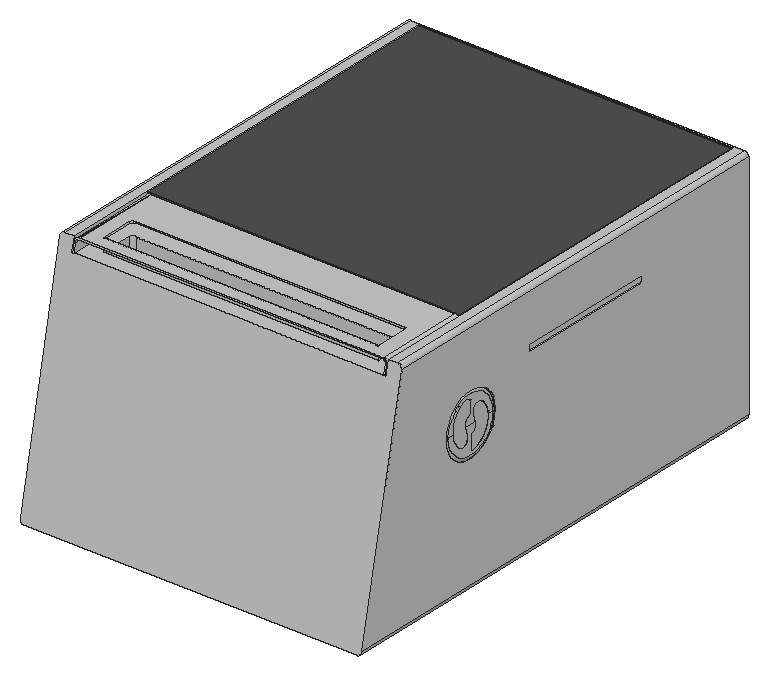
Revit family "PRD_FrankeWS_PprTwlDspnsrs_EXOSPaperTowelDispenser_EXOS637X_637B_637W", category Specialty Equipment, host Face, Revit 2018
Family settings
  Host = Face
  Round Connector Dimension = Use Diameter
  Part Type = Normal
  OmniClass Number = 23.40.20.21.17
  OmniClass Title = Paper Towel Dispensers, Disposal Units
  Cut with Voids When Loaded = No
  Shared = No
  Room Calculation Point = No
Parameters (values of type "EXOS637B")
  WarrantyStartDate [instance] = "1900-12-31T23:59:59"
  WarrantyGuarantorParts = "n/a"
  WarrantyGuarantorLabor = "n/a"
  WarrantyDurationUnit = "year"
  WarrantyDurationParts = "n/a"
  WarrantyDurationLabor = "n/a"
  WarrantyDescription = "n/a"
  Version = "1"
  Uniclass2015Version = "Products v1.17"
  Uniclass2015Title = "Paper towel dispensers"
  Uniclass2015Code = "Pr_40_70_22_62"
  URL = "www.kwc.com"
  TypeOfOperation = "Manual operation"
  TypeOfMounting = "Wall mounting"
  TypeOfFixing = "Screw"
  TypeOfConsumable = "Paper roll"
  TagNumber [instance] = "n/a"
  SustainabilityPerformance = "n/a"
  SurfaceTreatment = "InoxPlus (anti fingerprint)"
  Style = "Dispenser"
  Size = "300 x 425 x 210 mm"
  Shape = "n/a"
  SerialNumber [instance] = "n/a"
  Revision = "n/a"
  ReplacementCost = "n/a"
  ProductInformation = "https://pim.kwc.com/product/2030022951/attachment/datasheet?locale=en"
  PanelMaterial = PRD_AR_Glass_Black
  NominalWidth = 300.00 mm
  NominalHeight = 425.00 mm
  NominalDepth = 210.00 mm
  NetWeight = 9.37 kg
  Name = "Paper Towel Dispenser EXOS637B"
  NBSTypeID = "n/a"
  NBSReference = "45-35-72/344"
  NBSOfficeMasterTag = "n/a"
  NBSNote = "n/a"
  NBSDescription = "Paper towel dispensers"
  NBSCertification = "n/a"
  ModelReference = "EXOS637B"
  ModelNumber = "2030022951"
  Model = ModelReference  # "EXOS637B"
  MaximumWidthOfConsumable = "205.00 mm"
  MaximumDepthDiameterOfConsumable = "200.00 mm"
  MaterialThickness = "1.20 mm"
  MaterialCode = "1.4301"
  Material = "stainless steel"
  ManufacturerURL = "www.kwc.com"
  ManufacturerName = "KWC Group AG"  # constant formula
  Manufacturer = ManufacturerName  # "KWC Group AG"
  MainColor = "stainless steel"
  Lock = "Key-lock"
  IsBuiltIn = "TRUE"
  IntegralAccessories = "incl. mounting materials"
  InstallationDate [instance] = "1900-12-31T23:59:59"
  IfcExportType = "USERDEFINED"
  IfcExportAs = "IfcFurnitureType"
  GrossWeight = 10.80 kg
  Grade = "n/a"
  Finish = "satin finished"
  FillingQuantityUom = "Rolls"
  FillingQuantity = "1"
  Features = "stainless steel, surface satin finished"
  ExpectedLife = "n/a"
  DurationUnit = "year"
  DispenserMaterial = PRD_AR_StainlessSteel_SatinFinished
  Description = "Manual paper towel dispenser for wall mounting, stainless steel with satin finish, black safety glass front panel, casing with InoxPlus surface refinement for the reduction of finger marks and better cleaning characteristics (easy to clean), material thickness 1.2 mm, maximum roll width 205 mm, maximum roll diameter 200 mm, paper perforation length 260 mm, adjustable paper roll holder for optimised paper dispensing, includes mounting materials."
  Default Elevation = 1200.00 mm
  CreatedOn = "05/2020"  # constant formula
  Constituents = "n/a"
  Color = "n/a"
  CodePerformance = "n/a"
  Category = "Pr_40_70_22_62, Paper Towel Dispensers"
  BarCode [instance] = "n/a"
  BIMObjectName = "PRD_AR_PaperTowelDispensers_EXOSPaperTowelDispenser_EXOS637B"
  Author = "Archispace"  # constant formula
  AssetType = "Fixed"
  AssetIdentifier [instance] = "n/a"
  AdditionalPanel = yes
  AccessibilityPerformance = "n/a"
Types (3, lengths in mm): name | ProductInformation | PanelMaterial | NetWeight | Name | ModelReference | ModelNumber | Model | GrossWeight | Description | BIMObjectName | AdditionalPanel
  EXOS637X | "https://pim.kwc.com/product/2030022950/attachment/datasheet?locale=en" | PRD_AR_StainlessSteel_SatinFinished | 8.24 kg | "Paper Towel Dispenser EXOS637X" | "EXOS637X" | "2030022950" | "EXOS637X" | 9.64 kg | "Manual paper towel dispenser for wall mounting, stainless steel with satin finish, front and casing with InoxPlus surface refinement for the reduction of finger marks and better cleaning characteristics (easy to clean), material thickness 1.2 mm, maximum roll width 205 mm, maximum roll diameter 200 mm, paper perforation length 260 mm, adjustable paper roll holder for optimised paper dispensing, includes mounting materials." | "PRD_AR_PaperTowelDispensers_EXOSPaperTowelDispenser_EXOS637X" | no
  EXOS637B | "https://pim.kwc.com/product/2030022951/attachment/datasheet?locale=en" | PRD_AR_Glass_Black | 9.37 kg | "Paper Towel Dispenser EXOS637B" | "EXOS637B" | "2030022951" | "EXOS637B" | 10.80 kg | "Manual paper towel dispenser for wall mounting, stainless steel with satin finish, black safety glass front panel, casing with InoxPlus surface refinement for the reduction of finger marks and better cleaning characteristics (easy to clean), material thickness 1.2 mm, maximum roll width 205 mm, maximum roll diameter 200 mm, paper perforation length 260 mm, adjustable paper roll holder for optimised paper dispensing, includes mounting materials." | "PRD_AR_PaperTowelDispensers_EXOSPaperTowelDispenser_EXOS637B" | yes
  EXOS637W | "https://pim.kwc.com/product/2030025233/attachment/datasheet?locale=en" | PRD_AR_Glass_White | 8.88 kg | "Paper Towel Dispenser EXOS637W" | "EXOS637W" | "2030025233" | "EXOS637W" | 10.37 kg | "Manual paper towel dispenser for wall mounting, stainless steel with satin finish, white safety glass front panel, casing with InoxPlus surface refinement for the reduction of finger marks and better cleaning characteristics (easy to clean), material thickness 1.2 mm, maximum roll width 205 mm, maximum roll diameter 200 mm, paper perforation length 260 mm, adjustable paper roll holder for optimised paper dispensing, includes mounting materials." | "PRD_AR_PaperTowelDispensers_EXOSPaperTowelDispenser_EXOS637W" | yes
Reference planes
  plane 1 "Center (Front/Back)": y = 0
  plane 2: z = 0
  plane 3 "Center (Left/Right)": x = 0
Dimensions and locks
  aligned and locked: plane 2 to host face
  aligned and locked: level to host face
Nested families
  nested 1: "EXOS637" at (0, 0, 0), type "EXOS637"
    with PanelOffset 123.50 mm, AdditionalPanel yes
Definition of nested family "EXOS637"
  Parameters (values of type "EXOS637")
    PanelOffset = if(AdditionalPanel, 123.50 mm, 422.50 mm)  # 422.50 mm
    Material = none
    FrontMaterial = none
    AdditionalPanel = no
  Reference planes
    plane 1 "Center (Front/Back)": y = 0
    plane 2: z = 0
    plane 3 "Center (Left/Right)": x = 0
    plane 4: y = 210
    plane 5: y = -212.5
  Forms (mm)
    Extrusion 1, solid, material <- "Material", detail levels fine
      sketch origin (0, 0, 0) x (1, 0, 0) y (0, 0, 1)
        loop
          line (-146.5, 0) -> (146.5, 0)
          arc (146.5, 0) -> (148.975, 1.025) -> (150, 3.5) r 3.5
          line (150, 3.5) -> (150, 206.5)
          arc (150, 206.5) -> (148.975, 208.975) -> (146.5, 210) r 3.5
          line (146.5, 210) -> (-146.5, 210)
          arc (-146.5, 210) -> (-148.975, 208.975) -> (-150, 206.5) r 3.5
          line (-150, 206.5) -> (-150, 3.5)
          arc (-150, 3.5) -> (-148.975, 1.025) -> (-146.5, 0) r 3.5
      from -212.5 to 212.5
    Extrusion 2, void
      sketch origin (0, 0, 0) x (0, 1, 0) y (0, 0, 1)
        loop
          line (-212.5, 210) -> (-212.5, 0) -> (-167.5, 210) -> (-212.5, 210)
      from -150 to 150
    Extrusion 3, void
      sketch origin (0, 0, 0) x (1, 0, 0) y (0, 0, 1)
        loop
          line (138, 210) -> (-137.996, 210) -> (-137.996, 198.5) -> (138, 198.5) -> (138, 210)
      from -211 to 187.554
    Extrusion 4, solid, material <- "Material", detail levels fine
      sketch origin (0, 0, 0) x (1, 0, 0) y (0, 0, 1)
        loop
          line (-137.196, 198.5) -> (-135.996, 198.5) -> (-135.996, 206.5)
          arc (-135.996, 206.5) -> (-135.322, 208.126) -> (-133.696, 208.8) r 2.3
          line (-133.696, 208.8) -> (133.696, 208.8)
          arc (133.696, 208.8) -> (135.322, 208.126) -> (135.996, 206.5) r 2.3
          line (135.996, 206.5) -> (135.996, 198.5) -> (137.196, 198.5) -> (137.196, 206.5)
          arc (137.196, 206.5) -> (136.171, 208.975) -> (133.696, 210) r 3.5
          line (133.696, 210) -> (-133.696, 210)
          arc (-133.696, 210) -> (-136.171, 208.975) -> (-137.196, 206.5) r 3.5
          line (-137.196, 206.5) -> (-137.196, 198.5)
      from -210 to 169.964
    Extrusion 5, void
      sketch origin (0, 0, 0) x (1, 0, 0) y (0, 1, 0)
        loop
          line (-121, -156.5) -> (121, -156.5) -> (121, -128.5)
          arc (121, -128.5) -> (120.121, -126.379) -> (118, -125.5) r 3
          line (118, -125.5) -> (-118, -125.5)
          arc (-118, -125.5) -> (-120.121, -126.379) -> (-121, -128.5) r 3
          line (-121, -128.5) -> (-121, -156.5)
      from 165 to 210
    Extrusion 6, solid, material <- "Material", detail levels fine
      sketch origin (0, 0, 0) x (0, 1, 0) y (0, 0, 1)
        loop
          line (-156.5, 210) -> (-156.5, 198.5) -> (-155.3, 198.5) -> (-155.3, 208.8)
          arc (-155.3, 208.8) -> (-155.651, 209.649) -> (-156.5, 210) r 1.2
      from -121 to 121
    Revolve 7, solid, material <- "Material", detail levels fine
      sketch origin (0, 0, 169) x (1, 0, 0) y (0, 1, 0)
        loop
          line (0, 212.5) -> (10, 212.5) -> (10, 215.266)
          arc (10, 215.266) -> (9.414, 216.68) -> (8, 217.266) r 2
          line (8, 217.266) -> (6.324, 217.266)
          arc (6.324, 217.266) -> (5.966, 217.585) -> (5.5, 217.7) r 1
          line (5.5, 217.7) -> (0, 217.7) -> (0, 212.5)
        axis (0, 217.7) -> (0, 212.5)
      angle from 0 to 360
    Extrusion 8, void
      sketch origin (0, 0, 0) x (0, 1, 0) y (0, 0, 1)
        loop
          arc (94.5, 159) -> (95.561, 159.439) -> (96, 160.5) r 1.5
          line (96, 160.5) -> (96, 163.5)
          arc (96, 163.5) -> (95.561, 164.561) -> (94.5, 165) r 1.5
          line (94.5, 165) -> (-27.5, 165)
          arc (-27.5, 165) -> (-28.561, 164.561) -> (-29, 163.5) r 1.5
          line (-29, 163.5) -> (-29, 160.5)
          arc (-29, 160.5) -> (-28.561, 159.439) -> (-27.5, 159) r 1.5
          line (-27.5, 159) -> (94.5, 159)
      from 148.5 to 150
    Extrusion 9, void
      sketch origin (0, 0, 0) x (0, 1, 0) y (0, 0, -1)
        loop
          line (94.5, -159) -> (-27.5, -159)
          arc (-27.5, -159) -> (-28.561, -159.439) -> (-29, -160.5) r 1.5
          line (-29, -160.5) -> (-29, -163.5)
          arc (-29, -163.5) -> (-28.561, -164.561) -> (-27.5, -165) r 1.5
          line (-27.5, -165) -> (94.5, -165)
          arc (94.5, -165) -> (95.561, -164.561) -> (96, -163.5) r 1.5
          line (96, -163.5) -> (96, -160.5)
          arc (96, -160.5) -> (95.561, -159.439) -> (94.5, -159) r 1.5
      from 148.5 to 150
    Extrusion 10, void
      sketch origin (0, 0, 0) x (0, 1, 0) y (0, 0, 1)
        loop
          circle (-92.5, 130) r 27.5
      from 147 to 150
    Revolve 11, solid, material <- "Material", detail levels fine
      sketch origin (-1.5, 0, 130) x (1, 0, 0) y (0, 1, 0)
        loop
          line (148.5, -92.5) -> (151.5, -92.5) -> (151.5, -68)
          arc (151.5, -68) -> (150.621, -65.879) -> (148.5, -65) r 3
          line (148.5, -65) -> (148.5, -92.5)
        axis (148.5, -92.5) -> (151.5, -92.5)
      angle from 0 to 360
    Extrusion 12, solid, material <- "Material", detail levels medium
      sketch origin (0, 0, 0) x (1, 0, 0) y (0, 0, 1)
        loop
          line (-150, 0) -> (150, 0) -> (150, 210) -> (-150, 210) -> (-150, 0)
      from -212.5 to 212.5
    Extrusion 13, solid, material <- "Material", detail levels medium
      sketch origin (0, 0, 0) x (1, 0, 0) y (0, 0, 1)
        loop
          line (-137.196, 198.5) -> (137.196, 198.5) -> (137.196, 210) -> (-137.196, 210) -> (-137.196, 198.5)
      from -210 to 169.964
    Revolve 14, solid, material <- "Material", detail levels medium
      sketch origin (0, 0, 169) x (1, 0, 0) y (0, 1, 0)
        loop
          line (0, 212.5) -> (10, 212.5) -> (10, 217.7) -> (0, 217.7) -> (0, 212.5)
        axis (0, 217.7) -> (0, 212.5)
      angle from 0 to 360
    Extrusion 15, solid, material <- "Material", detail levels coarse
      sketch origin (0, 0, 0) x (1, 0, 0) y (0, 0, 1)
        loop
          line (-150, 0) -> (150, 0) -> (150, 210) -> (-150, 210) -> (-150, 0)
      from -212.5 to 212.5
    Extrusion 16, solid, material <- "FrontMaterial", visible <- "AdditionalPanel", detail levels medium+fine
      sketch origin (0, 0, 0) x (1, 0, 0) y (0, 0, 1)
        loop
          line (-137.196, 198.5) -> (137.196, 198.5) -> (137.196, 210) -> (-137.196, 210) -> (-137.196, 198.5)
      from -210 to 88
    Sweep 17, void
      path origin (0, 0, 0) x (1, 0, 0) y (0, 1, 0)
        loop
          line (150, -92.5) -> (149, -92.5)
      profile origin (149.5, -92.5, 0) x (0, -1, 0) y (0, 0, 1)
        loop
          arc (-12.176, 143.866) -> (-19.433, 123.274) -> (-3.529, 108.314) r 20
          arc (-3.529, 108.314) -> (-1.075, 108.966) -> (0, 111.267) r 3
          line (0, 111.267) -> (0, 121.292)
          arc (0, 121.292) -> (-0.396, 122.487) -> (-1.429, 123.208) r 2
          arc (-1.429, 123.208) -> (-4.349, 125.534) -> (-4.845, 129.234) r 5
          line (-4.845, 129.234) -> (-2.709, 137.626)
          arc (-2.709, 137.626) -> (-5.221, 144.116) -> (-12.176, 143.866) r 6
        loop
          arc (2.709, 122.374) -> (5.221, 115.884) -> (12.176, 116.134) r 6
          arc (12.176, 116.134) -> (19.433, 136.726) -> (3.529, 151.686) r 20
          arc (3.529, 151.686) -> (1.075, 151.034) -> (0, 148.733) r 3
          line (0, 148.733) -> (0, 138.708)
          arc (0, 138.708) -> (0.396, 137.513) -> (1.429, 136.792) r 2
          arc (1.429, 136.792) -> (4.349, 134.466) -> (4.845, 130.766) r 5
          line (4.845, 130.766) -> (2.709, 122.374)
  Cuts and joins
    Extrusion 2, Extrusion 3, Extrusion 5, Extrusion 8, Extrusion 9, Extrusion 10 cuts Extrusion 1
    Extrusion 2, Extrusion 5 cuts Extrusion 4
    joined: Extrusion 4, Extrusion 6
    Extrusion 2, Extrusion 3 cuts Extrusion 12
    Extrusion 2 cuts Extrusion 13
    Extrusion 2 cuts Extrusion 15
    Sweep 17 cuts Revolve 11
  Dimensions and locks
    locked: plane 5 to plane 1 "Center (Front/Back)" at 212.5
    "PanelOffset": plane 5 to plane 4
    locked: plane 5 to Extrusion 5 sketch curve at 56
    locked: plane 5 to Extrusion 5 sketch curve at 87
    locked: plane 5 to Revolve 11 sketch curve at 120  (x2)
    locked: plane 5 to Revolve 11 sketch curve at 147.5
    locked: Extrusion 10 sketch curve to plane 5 at 120
    locked: plane 5 to Sweep 17 sketch curve at 120
    aligned and locked: level to plane 2
    aligned and locked: plane 4 to cut or joined group of Extrusion 2, Extrusion 4, Extrusion 5, Extrusion 6
    aligned and locked: plane 4 to cut or joined group of Extrusion 2, Extrusion 13
  Automatic sketch dimensions
    Extrusion 1 sketch curve to level = 0.00 mm
    level to Extrusion 1 sketch curve = 3.50 mm  (x2)
    Extrusion 1 sketch curve to plane 3 "Center (Left/Right)" = 150.00 mm
    Extrusion 1 sketch curve to Extrusion 1 sketch curve = 3.50 mm
    plane 3 "Center (Left/Right)" to Extrusion 1 sketch curve = 146.50 mm  (x2)
    Extrusion 1 sketch curve to Extrusion 1 sketch curve = 203.00 mm
    Extrusion 2 sketch curve to plane 5 = 0.00 mm
    Extrusion 2 sketch curve to level = 0.00 mm
    Extrusion 2 sketch curve to Extrusion 2 sketch curve = 45.00 mm
    level to Extrusion 2 sketch curve = 210.00 mm
    Extrusion 3 sketch curve to plane 3 "Center (Left/Right)" = 137.996 mm
    plane 3 "Center (Left/Right)" to Extrusion 3 sketch curve = 138.00 mm
    level to Extrusion 3 sketch curve = 198.50 mm
    Extrusion 3 sketch curve to Extrusion 3 sketch curve = 11.50 mm
    Extrusion 4 sketch curve to Extrusion 4 sketch curve = 0.00 mm  (x4)
    Extrusion 4 sketch curve to plane 3 "Center (Left/Right)" = 137.196 mm
    Extrusion 4 sketch curve to Extrusion 4 sketch curve = 1.20 mm
    Extrusion 4 sketch curve to Extrusion 4 sketch curve = 2.30 mm  (x2)
    plane 3 "Center (Left/Right)" to Extrusion 4 sketch curve = 133.696 mm
    level to Extrusion 4 sketch curve = 198.50 mm  (x2)
    Extrusion 4 sketch curve to Extrusion 4 sketch curve = 8.00 mm
    Extrusion 5 sketch curve to plane 3 "Center (Left/Right)" = 121.00 mm
    Extrusion 5 sketch curve to Extrusion 5 sketch curve = 3.00 mm  (x2)
    plane 3 "Center (Left/Right)" to Extrusion 5 sketch curve = 118.00 mm
    Extrusion 6 sketch curve to plane 5 = 56.00 mm
    Extrusion 6 sketch curve to Extrusion 6 sketch curve = 1.20 mm
    level to Extrusion 6 sketch curve = 198.50 mm
    Extrusion 6 sketch curve to Extrusion 6 sketch curve = 10.30 mm
    Revolve 7 sketch curve to plane 3 "Center (Left/Right)" = 0.00 mm  (x2)
    plane 3 "Center (Left/Right)" to Revolve 7 sketch curve = 5.50 mm
    Revolve 7 sketch curve to Revolve 7 sketch curve = 0.824 mm
    Revolve 7 sketch curve to Revolve 7 sketch curve = 1.676 mm
    Revolve 7 sketch curve to Revolve 7 sketch curve = 2.00 mm
    plane 4 to Revolve 7 sketch curve = 2.50 mm
    Revolve 7 sketch curve to Revolve 7 sketch curve = 2.766 mm
    Revolve 7 sketch curve to Revolve 7 sketch curve = 0.566 mm
    Revolve 7 sketch curve to plane 4 = 1.51 mm
    Revolve 7 sketch curve to Revolve 7 sketch curve = 1.546 mm
    plane 1 "Center (Front/Back)" to Extrusion 8 sketch curve = 29.00 mm
    Extrusion 8 sketch curve to Extrusion 8 sketch curve = 1.50 mm  (x3)
    Extrusion 8 sketch curve to plane 1 "Center (Front/Back)" = 94.50 mm
    Extrusion 8 sketch curve to Extrusion 8 sketch curve = 0.00 mm
    level to Extrusion 8 sketch curve = 159.00 mm
    Extrusion 8 sketch curve to Extrusion 8 sketch curve = 3.00 mm
    plane 1 "Center (Front/Back)" to Extrusion 9 sketch curve = 29.00 mm
    Extrusion 9 sketch curve to Extrusion 9 sketch curve = 1.50 mm  (x3)
    Extrusion 9 sketch curve to plane 1 "Center (Front/Back)" = 94.50 mm
    Extrusion 9 sketch curve to Extrusion 9 sketch curve = 0.00 mm
    level to Extrusion 9 sketch curve = 165.00 mm
    Extrusion 9 sketch curve to Extrusion 9 sketch curve = 3.00 mm
    level to Extrusion 10 sketch curve = 130.00 mm
    plane 3 "Center (Left/Right)" to Revolve 11 sketch curve = 147.00 mm
    Revolve 11 sketch curve to Revolve 11 sketch curve = 3.00 mm
    Revolve 11 sketch curve to Revolve 11 sketch curve = 1.50 mm
    Revolve 11 sketch curve to Revolve 11 sketch curve = 3.50 mm
    Extrusion 12 sketch curve to level = 0.00 mm
    Extrusion 12 sketch curve to plane 3 "Center (Left/Right)" = 150.00 mm
    plane 3 "Center (Left/Right)" to Extrusion 12 sketch curve = 150.00 mm
    level to Extrusion 12 sketch curve = 210.00 mm
    Extrusion 13 sketch curve to plane 3 "Center (Left/Right)" = 137.196 mm
    plane 3 "Center (Left/Right)" to Extrusion 13 sketch curve = 137.196 mm
    level to Extrusion 13 sketch curve = 198.50 mm
    Extrusion 13 sketch curve to Extrusion 13 sketch curve = 11.50 mm
    Revolve 14 sketch curve to plane 3 "Center (Left/Right)" = 0.00 mm  (x2)
    Revolve 14 sketch curve to Revolve 14 sketch curve = 10.00 mm
    plane 4 to Revolve 14 sketch curve = 2.50 mm
    Revolve 14 sketch curve to Revolve 14 sketch curve = 5.20 mm
    Revolve 14 sketch curve to plane 4 = 1.51 mm
    Revolve 14 sketch curve to Revolve 14 sketch curve = 1.546 mm
    Extrusion 15 sketch curve to level = 0.00 mm
    Extrusion 15 sketch curve to plane 3 "Center (Left/Right)" = 150.00 mm
    plane 3 "Center (Left/Right)" to Extrusion 15 sketch curve = 150.00 mm
    level to Extrusion 15 sketch curve = 210.00 mm
    Extrusion 16 sketch curve to plane 3 "Center (Left/Right)" = 137.196 mm
    plane 3 "Center (Left/Right)" to Extrusion 16 sketch curve = 137.196 mm
    level to Extrusion 16 sketch curve = 198.50 mm
    Extrusion 16 sketch curve to Extrusion 16 sketch curve = 11.50 mm
    plane 3 "Center (Left/Right)" to Sweep 17 sketch curve = 149.00 mm
    Sweep 17 sketch curve to Sweep 17 sketch curve = 1.00 mm
    Sweep 17 sketch curve to Sweep 17 sketch curve = 0.00 mm  (x6)
    Sweep 17 sketch curve to profile plane = 0.00 mm  (x4)
    profile plane to Sweep 17 sketch curve = 2.00 mm
    profile plane to Sweep 17 sketch curve = 2.709 mm
    profile plane to Sweep 17 sketch curve = 3.00 mm
    profile plane to Sweep 17 sketch curve = 4.845 mm
    Sweep 17 sketch curve to Sweep 17 sketch curve = 5.815 mm  (x2)
    Sweep 17 sketch curve to Sweep 17 sketch curve = 2.00 mm
    Sweep 17 sketch curve to profile plane = 2.709 mm
    Sweep 17 sketch curve to Sweep 17 sketch curve = 3.00 mm
    Sweep 17 sketch curve to profile plane = 4.845 mm
    level to Sweep 17 sketch curve = 111.267 mm
    Sweep 17 sketch curve to Sweep 17 sketch curve = 9.627 mm
    Sweep 17 sketch curve to Sweep 17 sketch curve = 10.025 mm  (x2)
    Sweep 17 sketch curve to Sweep 17 sketch curve = 1.082 mm  (x2)
    Sweep 17 sketch curve to Sweep 17 sketch curve = 5.626 mm  (x2)
    Sweep 17 sketch curve to Sweep 17 sketch curve = 1.234 mm
    Sweep 17 sketch curve to Sweep 17 sketch curve = 2.766 mm
    Sweep 17 sketch curve to Sweep 17 sketch curve = 4.00 mm
    Sweep 17 sketch curve to Sweep 17 sketch curve = 1.48 mm
    radius of Extrusion 10 sketch curve = 27.50 mm
